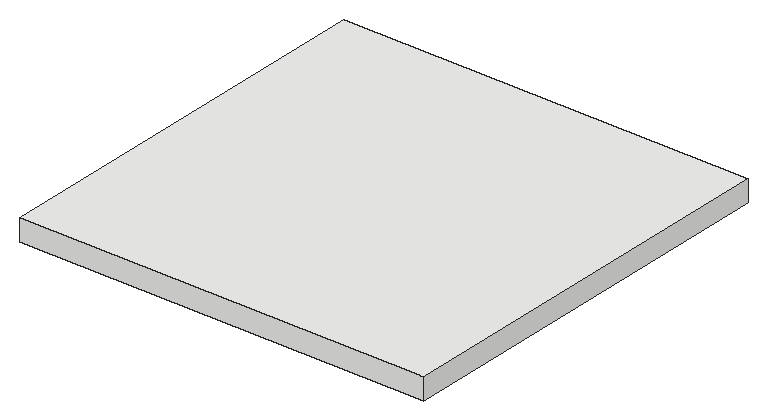
Revit family "p-260_395gb3-x", category 機械設備, Revit 2019
Family settings
  丸型コネクタ寸法 = 直径を使用
  パーツ タイプ = 標準
  OmniClass 番号 = 23.75.35.17.27
  OmniClass タイトル = Centrifugal Fans
  作業面ベース = いいえ
  常に垂直 = はい
  ロード時にボイドで切り取り = いいえ
  共有 = いいえ
  部屋計算ポイント = はい
Parameters (values of type "P-395GB3-X")
  電圧 = 100 V
  質量 = 0.888 kg
  負荷分類 = 3_ファン類
  説明 = "ダクト用換気扇 別売グリル スリットインテリアタイプ<クールホワイト>"
  製造元 = "三菱電機株式会社"
  製品質量 = 0.74 kg
  製品出荷対象 = "国内"
  製品リリース年月 = "2020年6月1日"
  積算_科目 = "2 換気設備"
  相 = 1
  消費電力 = 36 W
  極数 = 2
  始動方式 [instance] = "直入"
  分類コード = "50052503100030"
  価格 = 17300
  企業コード = "108420"
  仕様書バージョン = "Version1.0"
  モデル = "P-395GB3-X"
  マテリアル = 合成樹脂(白)
  Type Comments = ""
  Keynote = ""
  Assembly Code = ""
  Width = 475 mm
  URL = "https://www.mitsubishielectric.co.jp/ldg/wink/qr/002/306722/"
  Height = 25 mm
  Depth = 475 mm
  Author = "三菱電機株式会社"
Types (3, lengths in mm): name | 質量 | 製品質量 | 価格 | モデル | Width | URL | Height | Depth
  P-260GB3-X | 0.504 kg | 0.42 kg | 11000 | "P-260GB3-X" | 335 | "https://www.mitsubishielectric.co.jp/ldg/wink/qr/002/306879/" | 20 | 335
  P-315GB3-X | 0.624 kg | 0.52 kg | 14100 | "P-315GB3-X" | 380 | "https://www.mitsubishielectric.co.jp/ldg/wink/qr/002/307168/" | 25 | 380
  P-395GB3-X | 0.888 kg | 0.74 kg | 17300 | "P-395GB3-X" | 475 | "https://www.mitsubishielectric.co.jp/ldg/wink/qr/002/306722/" | 25 | 475
Reference planes
  plane 1 "中心(正面/背面)": y = 0
  plane 2: z = 0
  plane 3 "中心(左/右)": x = 0
  plane 4: x = -237.5
  plane 5: x = 237.5
  plane 6: y = 237.5
  plane 7: y = -237.5
  plane 8: z = -25
Forms (mm)
  Extrusion 1, solid, material "合成樹脂(白)" <- "マテリアル"
    sketch origin (0, 0, 0) x (1, 0, 0) y (0, 1, 0)
      loop
        line (-237.5, 237.5) -> (-237.5, -237.5) -> (237.5, -237.5) -> (237.5, 237.5) -> (-237.5, 237.5)
    from -25 to 0
Dimensions and locks
  "Width": plane 4 to plane 5
  equal spacing: plane 4, plane 3 "中心(左/右)", plane 5
  "Depth": plane 6 to plane 7
  equal spacing: plane 6, plane 1 "中心(正面/背面)", plane 7
  "Height": plane 2 to plane 8
  aligned and locked: level to plane 2
  aligned and locked: plane 6 to Extrusion 1
  aligned and locked: plane 5 to Extrusion 1
  aligned and locked: Extrusion 1 to plane 7
  aligned and locked: Extrusion 1 to plane 4
  aligned and locked: plane 2 to Extrusion 1
  aligned and locked: Extrusion 1 to plane 8
  aligned and locked: plane 7 to Extrusion 1 sketch curve
  aligned and locked: Extrusion 1 sketch curve to plane 5
Automatic sketch dimensions
  Extrusion 1 sketch curve to plane 4 = 0 mm
  Extrusion 1 sketch curve to plane 6 = 0 mm
